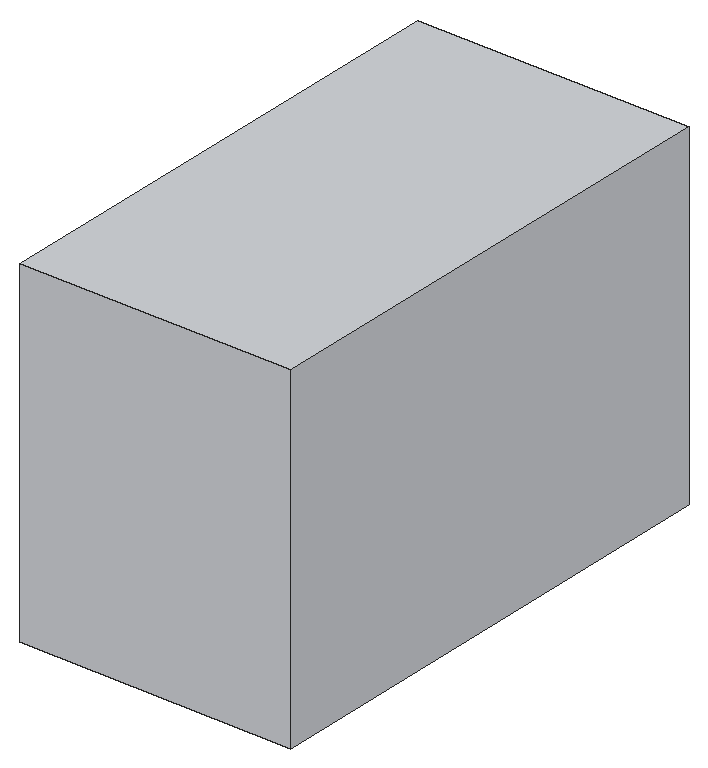
Revit family "XXX_ELT_Trafo", category Elektrische Ausstattung, Revit 2014
Parameters (values of type "2200x1000x1500 (LxBxH)")
  durchmesser_symbol = Breite / 3  # 400 mm
  Länge = 2200 mm
  Höhe = 1500 mm
  Breite = 1200 mm
Types (2, lengths in mm): name | durchmesser_symbol | Länge | Höhe | Breite
  1600x900x1000 (LxBxH) | 300 | 1600 | 1000 | 900
  2200x1000x1500 (LxBxH) | 400 | 2200 | 1500 | 1200
Reference planes
  plane 1 "Mitte (Vorne/Hinten)": y = 0
  plane 2: z = 0
  plane 3 "Mitte (Links/Rechts)": x = 0
  plane 4 "hinten": y = 1100
  plane 5 "vorne": y = -1100
  plane 6 "rechts": x = 600
  plane 7 "links": x = -600
  plane 8 "OK": z = 1500
Forms (mm)
  Extrusion 1, solid
    sketch origin (0, 0, 0) x (1, 0, 0) y (0, 1, 0)
      loop
        line (-600, 1100) -> (-600, -1100) -> (600, -1100) -> (600, 1100) -> (-600, 1100)
    from 0 to 1500
Lines and regions (mm)
  symbolic lines
    curve 1: circle (-2.319, 200, 0) r 400 normal (0, 0, 1)
    curve 2: circle (-2.319, -200, 0) r 400 normal (0, 0, -1)
Dimensions and locks
  "Länge": plane 4 "hinten" to plane 5 "vorne"
  equal spacing: plane 4 "hinten", plane 1 "Mitte (Vorne/Hinten)", plane 5 "vorne"
  "Breite": plane 7 "links" to plane 6 "rechts"
  equal spacing: plane 7 "links", plane 3 "Mitte (Links/Rechts)", plane 6 "rechts"
  "Höhe": plane 8 "OK" to level
  "durchmesser_symbol": curve 1 to curve 2
  equal spacing: curve 1, plane 1 "Mitte (Vorne/Hinten)", curve 2
  "durchmesser_symbol": radius of curve 1
  "durchmesser_symbol": radius of curve 2
  aligned and locked: level to plane 2
  aligned and locked: Extrusion 1 to plane 4 "hinten"
  aligned and locked: Extrusion 1 to plane 5 "vorne"
  aligned and locked: Extrusion 1 to plane 6 "rechts"
  aligned and locked: Extrusion 1 to plane 7 "links"
  aligned and locked: Extrusion 1 to plane 8 "OK"
Automatic sketch dimensions
  Extrusion 1 sketch curve to plane 5 "vorne" = 0 mm
  Extrusion 1 sketch curve to plane 7 "links" = 0 mm
  Extrusion 1 sketch curve to plane 6 "rechts" = 0 mm
  Extrusion 1 sketch curve to plane 4 "hinten" = 0 mm
  curve 2 to plane 3 "Mitte (Links/Rechts)" = 2.319 mm
  curve 1 to plane 3 "Mitte (Links/Rechts)" = 2.319 mm
